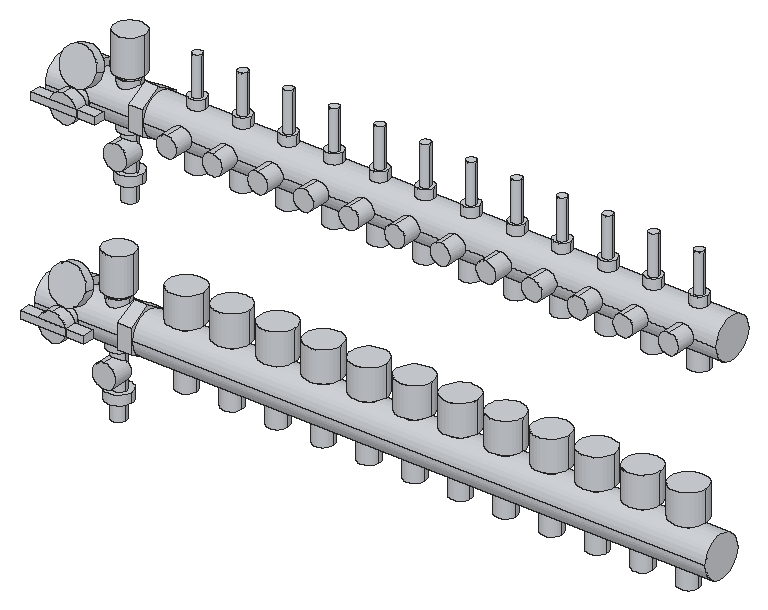
Revit family "318_f16c880827e94962872f661bd91b46", category Pipe Accessories, Revit 2017 (continued)
Automatic sketch dimensions
  plane 14 "405" to Extrusion 133 sketch curve = 5 mm
  Extrusion 134 sketch curve to plane 38 "381" = 3 mm
  plane 14 "405" to Extrusion 135 sketch curve = 5 mm
  plane 14 "405" to Extrusion 136 sketch curve = 5 mm
Connectors
  piping at (0, 0, 0), diameter 25, driven by "Flow supply main", driven by "SMP"
    settings: on Extrusion 133, index 1, connector inside diameter 609.6 mm, connector length 0 mm, flow factor 0, pipe flow 0.0 L/s, pressure drop 0.0 Pa, fitting loss kfactor 0, connector angle 0.00°, fixture units 0, engagement length 0 mm, angle of deflection 0.00°, flow configuration 1, flow direction 1, fitting loss method 0, system type 7, joint type 0, gender type 0, connector reference index -1, connector utility 0, adjustable connector no, is connector primary yes, connector description "Main_1_1"
  piping at (149, 0, -40), diameter 18, driven by "Flow supply 1", driven by "SBP1"
    settings: on Extrusion 135, index 2, connector inside diameter 609.6 mm, connector length 0 mm, flow factor 0, pipe flow 0.0 L/s, pressure drop 0.0 Pa, fitting loss kfactor 0, connector angle 0.00°, fixture units 0, engagement length 0 mm, angle of deflection 0.00°, flow configuration 0, flow direction 2, fitting loss method 0, system type 7, joint type 0, gender type 0, connector reference index -1, connector utility 0, adjustable connector no, is connector primary no, connector description "Branch_1_1"
  piping at (199, 0, -40), diameter 18, driven by "Flow supply 2", driven by "SBP2"
    settings: on Extrusion 136, index 3, connector inside diameter 609.6 mm, connector length 0 mm, flow factor 0, pipe flow 0.0 L/s, pressure drop 0.0 Pa, fitting loss kfactor 0, connector angle 0.00°, fixture units 0, engagement length 0 mm, angle of deflection 0.00°, flow configuration 0, flow direction 2, fitting loss method 0, system type 7, joint type 0, gender type 0, connector reference index -1, connector utility 0, adjustable connector no, is connector primary no, connector description "Branch_1_2"
  piping at (249, 0, -40), diameter 18, driven by "Flow supply 3", driven by "SBP3"
    settings: on Extrusion 132, index 4, connector inside diameter 609.6 mm, connector length 0 mm, flow factor 0, pipe flow 0.0 L/s, pressure drop 0.0 Pa, fitting loss kfactor 0, connector angle 0.00°, fixture units 0, engagement length 0 mm, angle of deflection 0.00°, flow configuration 0, flow direction 2, fitting loss method 0, system type 7, joint type 0, gender type 0, connector reference index -1, connector utility 0, adjustable connector no, is connector primary no, connector description "Branch_1_3"
  piping at (299, 0, -40), diameter 18, driven by "Flow supply 4", driven by "SBP4"
    settings: on Extrusion 131, index 5, connector inside diameter 609.6 mm, connector length 0 mm, flow factor 0, pipe flow 0.0 L/s, pressure drop 0.0 Pa, fitting loss kfactor 0, connector angle 0.00°, fixture units 0, engagement length 0 mm, angle of deflection 0.00°, flow configuration 0, flow direction 2, fitting loss method 0, system type 7, joint type 0, gender type 0, connector reference index -1, connector utility 0, adjustable connector no, is connector primary no, connector description "Branch_1_4"
  piping at (349, 0, -40), diameter 18, driven by "Flow supply 5", driven by "SBP5"
    settings: on Extrusion 130, index 6, connector inside diameter 609.6 mm, connector length 0 mm, flow factor 0, pipe flow 0.0 L/s, pressure drop 0.0 Pa, fitting loss kfactor 0, connector angle 0.00°, fixture units 0, engagement length 0 mm, angle of deflection 0.00°, flow configuration 0, flow direction 2, fitting loss method 0, system type 7, joint type 0, gender type 0, connector reference index -1, connector utility 0, adjustable connector no, is connector primary no, connector description "Branch_1_5"
  piping at (399, 0, -40), diameter 18, driven by "Flow supply 6", driven by "SBP6"
    settings: on Extrusion 129, index 7, connector inside diameter 609.6 mm, connector length 0 mm, flow factor 0, pipe flow 0.0 L/s, pressure drop 0.0 Pa, fitting loss kfactor 0, connector angle 0.00°, fixture units 0, engagement length 0 mm, angle of deflection 0.00°, flow configuration 0, flow direction 2, fitting loss method 0, system type 7, joint type 0, gender type 0, connector reference index -1, connector utility 0, adjustable connector no, is connector primary no, connector description "Branch_1_6"
  piping at (449, 0, -40), diameter 18, driven by "Flow supply 7", driven by "SBP7"
    settings: on Extrusion 128, index 8, connector inside diameter 609.6 mm, connector length 0 mm, flow factor 0, pipe flow 0.0 L/s, pressure drop 0.0 Pa, fitting loss kfactor 0, connector angle 0.00°, fixture units 0, engagement length 0 mm, angle of deflection 0.00°, flow configuration 0, flow direction 2, fitting loss method 0, system type 7, joint type 0, gender type 0, connector reference index -1, connector utility 0, adjustable connector no, is connector primary no, connector description "Branch_1_7"
  piping at (499, 0, -40), diameter 18, driven by "Flow supply 8", driven by "SBP8"
    settings: on Extrusion 123, index 9, connector inside diameter 609.6 mm, connector length 0 mm, flow factor 0, pipe flow 0.0 L/s, pressure drop 0.0 Pa, fitting loss kfactor 0, connector angle 0.00°, fixture units 0, engagement length 0 mm, angle of deflection 0.00°, flow configuration 0, flow direction 2, fitting loss method 0, system type 7, joint type 0, gender type 0, connector reference index -1, connector utility 0, adjustable connector no, is connector primary no, connector description "Branch_1_8"
  piping at (549, 0, -40), diameter 18, driven by "Flow supply 9", driven by "SBP9"
    settings: on Extrusion 124, index 10, connector inside diameter 609.6 mm, connector length 0 mm, flow factor 0, pipe flow 0.0 L/s, pressure drop 0.0 Pa, fitting loss kfactor 0, connector angle 0.00°, fixture units 0, engagement length 0 mm, angle of deflection 0.00°, flow configuration 0, flow direction 2, fitting loss method 0, system type 7, joint type 0, gender type 0, connector reference index -1, connector utility 0, adjustable connector no, is connector primary no, connector description "Branch_1_9"
  piping at (599, 0, -40), diameter 18, driven by "Flow supply 10", driven by "SBP10"
    settings: on Extrusion 125, index 11, connector inside diameter 609.6 mm, connector length 0 mm, flow factor 0, pipe flow 0.0 L/s, pressure drop 0.0 Pa, fitting loss kfactor 0, connector angle 0.00°, fixture units 0, engagement length 0 mm, angle of deflection 0.00°, flow configuration 0, flow direction 2, fitting loss method 0, system type 7, joint type 0, gender type 0, connector reference index -1, connector utility 0, adjustable connector no, is connector primary no, connector description "Branch_1_10"
  piping at (649, 0, -40), diameter 18, driven by "Flow supply 11", driven by "SBP11"
    settings: on Extrusion 126, index 12, connector inside diameter 609.6 mm, connector length 0 mm, flow factor 0, pipe flow 0.0 L/s, pressure drop 0.0 Pa, fitting loss kfactor 0, connector angle 0.00°, fixture units 0, engagement length 0 mm, angle of deflection 0.00°, flow configuration 0, flow direction 2, fitting loss method 0, system type 7, joint type 0, gender type 0, connector reference index -1, connector utility 0, adjustable connector no, is connector primary no, connector description "Branch_1_11"
  piping at (699, 0, -40), diameter 18, driven by "Flow supply 12", driven by "SBP12"
    settings: on Extrusion 127, index 13, connector inside diameter 609.6 mm, connector length 0 mm, flow factor 0, pipe flow 0.0 L/s, pressure drop 0.0 Pa, fitting loss kfactor 0, connector angle 0.00°, fixture units 0, engagement length 0 mm, angle of deflection 0.00°, flow configuration 0, flow direction 2, fitting loss method 0, system type 7, joint type 0, gender type 0, connector reference index -1, connector utility 0, adjustable connector no, is connector primary no, connector description "Branch_1_12"
  piping at (0, -15, -208), diameter 25, driven by "Flow return main", driven by "RMP"
    settings: on Extrusion 134, index 14, connector inside diameter 609.6 mm, connector length 0 mm, flow factor 0, pipe flow 0.0 L/s, pressure drop 0.0 Pa, fitting loss kfactor 0, connector angle 0.00°, fixture units 0, engagement length 0 mm, angle of deflection 0.00°, flow configuration 1, flow direction 2, fitting loss method 0, system type 8, joint type 0, gender type 0, connector reference index -1, connector utility 0, adjustable connector no, is connector primary no, connector description "Main_2_1"
  piping at (149, -15, -248), diameter 18, driven by "Flow return 1", driven by "RBP1"
    settings: on Extrusion 121, index 15, connector inside diameter 609.6 mm, connector length 0 mm, flow factor 0, pipe flow 0.0 L/s, pressure drop 0.0 Pa, fitting loss kfactor 0, connector angle 0.00°, fixture units 0, engagement length 0 mm, angle of deflection 0.00°, flow configuration 0, flow direction 1, fitting loss method 0, system type 8, joint type 0, gender type 0, connector reference index -1, connector utility 0, adjustable connector no, is connector primary no, connector description "Branch_2_1"
  piping at (199, -15, -248), diameter 18, driven by "Flow return 2", driven by "RBP2"
    settings: on Extrusion 120, index 16, connector inside diameter 609.6 mm, connector length 0 mm, flow factor 0, pipe flow 0.0 L/s, pressure drop 0.0 Pa, fitting loss kfactor 0, connector angle 0.00°, fixture units 0, engagement length 0 mm, angle of deflection 0.00°, flow configuration 0, flow direction 1, fitting loss method 0, system type 8, joint type 0, gender type 0, connector reference index -1, connector utility 0, adjustable connector no, is connector primary no, connector description "Branch_2_2"
  piping at (249, -15, -248), diameter 18, driven by "Flow return 3", driven by "RBP3"
    settings: on Extrusion 122, index 17, connector inside diameter 609.6 mm, connector length 0 mm, flow factor 0, pipe flow 0.0 L/s, pressure drop 0.0 Pa, fitting loss kfactor 0, connector angle 0.00°, fixture units 0, engagement length 0 mm, angle of deflection 0.00°, flow configuration 0, flow direction 1, fitting loss method 0, system type 8, joint type 0, gender type 0, connector reference index -1, connector utility 0, adjustable connector no, is connector primary no, connector description "Branch_2_3"
  piping at (299, -15, -248), diameter 18, driven by "Flow return 4", driven by "RBP4"
    settings: on Extrusion 119, index 18, connector inside diameter 609.6 mm, connector length 0 mm, flow factor 0, pipe flow 0.0 L/s, pressure drop 0.0 Pa, fitting loss kfactor 0, connector angle 0.00°, fixture units 0, engagement length 0 mm, angle of deflection 0.00°, flow configuration 0, flow direction 1, fitting loss method 0, system type 8, joint type 0, gender type 0, connector reference index -1, connector utility 0, adjustable connector no, is connector primary no, connector description "Branch_2_4"
  piping at (349, -15, -248), diameter 18, driven by "Flow return 5", driven by "RBP5"
    settings: on Extrusion 118, index 19, connector inside diameter 609.6 mm, connector length 0 mm, flow factor 0, pipe flow 0.0 L/s, pressure drop 0.0 Pa, fitting loss kfactor 0, connector angle 0.00°, fixture units 0, engagement length 0 mm, angle of deflection 0.00°, flow configuration 0, flow direction 1, fitting loss method 0, system type 8, joint type 0, gender type 0, connector reference index -1, connector utility 0, adjustable connector no, is connector primary no, connector description "Branch_2_5"
  piping at (399, -15, -248), diameter 18, driven by "Flow return 6", driven by "RBP6"
    settings: on Extrusion 117, index 20, connector inside diameter 609.6 mm, connector length 0 mm, flow factor 0, pipe flow 0.0 L/s, pressure drop 0.0 Pa, fitting loss kfactor 0, connector angle 0.00°, fixture units 0, engagement length 0 mm, angle of deflection 0.00°, flow configuration 0, flow direction 1, fitting loss method 0, system type 8, joint type 0, gender type 0, connector reference index -1, connector utility 0, adjustable connector no, is connector primary no, connector description "Branch_2_6"
  piping at (449, -15, -248), diameter 18, driven by "Flow return 7", driven by "RBP7"
    settings: on Extrusion 116, index 21, connector inside diameter 609.6 mm, connector length 0 mm, flow factor 0, pipe flow 0.0 L/s, pressure drop 0.0 Pa, fitting loss kfactor 0, connector angle 0.00°, fixture units 0, engagement length 0 mm, angle of deflection 0.00°, flow configuration 0, flow direction 1, fitting loss method 0, system type 8, joint type 0, gender type 0, connector reference index -1, connector utility 0, adjustable connector no, is connector primary no, connector description "Branch_2_7"
  piping at (499, -15, -248), diameter 18, driven by "Flow return 8", driven by "RBP8"
    settings: on Extrusion 114, index 22, connector inside diameter 609.6 mm, connector length 0 mm, flow factor 0, pipe flow 0.0 L/s, pressure drop 0.0 Pa, fitting loss kfactor 0, connector angle 0.00°, fixture units 0, engagement length 0 mm, angle of deflection 0.00°, flow configuration 0, flow direction 1, fitting loss method 0, system type 8, joint type 0, gender type 0, connector reference index -1, connector utility 0, adjustable connector no, is connector primary no, connector description "Branch_2_8"
  piping at (549, -15, -248), diameter 18, driven by "Flow return 9", driven by "RBP9"
    settings: on Extrusion 115, index 23, connector inside diameter 609.6 mm, connector length 0 mm, flow factor 0, pipe flow 0.0 L/s, pressure drop 0.0 Pa, fitting loss kfactor 0, connector angle 0.00°, fixture units 0, engagement length 0 mm, angle of deflection 0.00°, flow configuration 0, flow direction 1, fitting loss method 0, system type 8, joint type 0, gender type 0, connector reference index -1, connector utility 0, adjustable connector no, is connector primary no, connector description "Branch_2_9"
  piping at (599, -15, -248), diameter 18, driven by "Flow return 10", driven by "RBP10"
    settings: on Extrusion 111, index 24, connector inside diameter 609.6 mm, connector length 0 mm, flow factor 0, pipe flow 0.0 L/s, pressure drop 0.0 Pa, fitting loss kfactor 0, connector angle 0.00°, fixture units 0, engagement length 0 mm, angle of deflection 0.00°, flow configuration 0, flow direction 1, fitting loss method 0, system type 8, joint type 0, gender type 0, connector reference index -1, connector utility 0, adjustable connector no, is connector primary no, connector description "Branch_2_10"
  piping at (649, -15, -248), diameter 18, driven by "Flow return 11", driven by "RBP11"
    settings: on Extrusion 113, index 25, connector inside diameter 609.6 mm, connector length 0 mm, flow factor 0, pipe flow 0.0 L/s, pressure drop 0.0 Pa, fitting loss kfactor 0, connector angle 0.00°, fixture units 0, engagement length 0 mm, angle of deflection 0.00°, flow configuration 0, flow direction 1, fitting loss method 0, system type 8, joint type 0, gender type 0, connector reference index -1, connector utility 0, adjustable connector no, is connector primary no, connector description "Branch_2_11"
  piping at (699, -15, -248), diameter 18, driven by "Flow return 12", driven by "RBP12"
    settings: on Extrusion 112, index 26, connector inside diameter 609.6 mm, connector length 0 mm, flow factor 0, pipe flow 0.0 L/s, pressure drop 0.0 Pa, fitting loss kfactor 0, connector angle 0.00°, fixture units 0, engagement length 0 mm, angle of deflection 0.00°, flow configuration 0, flow direction 1, fitting loss method 0, system type 8, joint type 0, gender type 0, connector reference index -1, connector utility 0, adjustable connector no, is connector primary no, connector description "Branch_2_12"
